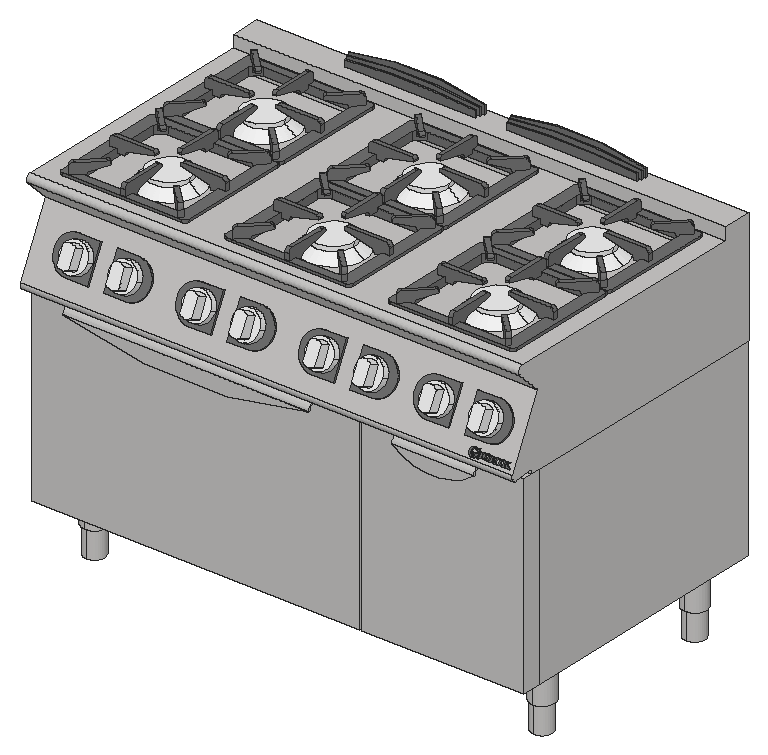
Revit family "QF_GIORIK_ECG760E", category Specialty Equipment, Revit 2014
Parameters (values of type "ECG760E")
  Weight in Pounds = 462.9702
  Watts = 6000 W
  Volts = 400 V
  URL Cutsheet = "www.giorik.com"
  URL = "www.giorik.com"
  Status [instance] = ""
  Specification by User [instance] = ""
  Specification by Manufacturer = ""
  Show Logo [instance] = yes
  Show Clearance [instance] = yes
  Serial Number = ""
  Seismic Rating = ""
  SMACNA No = ""
  Revision Code [instance] = ""
  Phase = 3
  Number of Poles [instance] = 3
  NAFEM Spec ID Number = ""
  Model = "ECG760E"
  Min Ckt Ampacity = 0 A
  Mechanical Remarks [instance] = "Natural Gas"
  Mechanical Connection Type [instance] = ""
  Max Overcurrent Protection = 0 A
  Masterspec = ""
  Manufacturer = "GIORIK"
  Item Number [instance] = ""
  Installed By [instance] = ""
  Identify Quantity as Lot [instance] = no
  HP = "8.046120000000"
  Gas Size = 1"
  Gas RI Height [instance] = 0 mm
  Gas KW = 28.5
  Gas Input = 28500 W
  Gas Connection Height [instance] = 150 mm
  Furnished By [instance] = ""
  Foodservice Equipment Identifier [instance] = yes
  FL Amps = 0 A
  Electrical Remarks [instance] = ""
  Electric Connection Type [instance] = ""
  Elec Conn RI Height [instance] = 0 mm
  Elec Conn Connection Height [instance] = 150 mm
  Description = "6 BURNER GAS RANGE ON GAS OVEN AND NEUTRAL CABINET"
  Cycle = 50 Hz
  Conn Plug = ""
  Conn Conduit [instance] = no
  CSI MasterFormat = ""
  Assembly Code = "E1090320"
  Apparent Power = 6000 VA
Reference planes
  plane 1 "Back": y = 0
  plane 2: z = 0
  plane 3 "Left": x = 0
  plane 4 "Right": x = 1200
  plane 5 "Front": y = -720
  plane 6 "Top": z = 900
Forms (mm)
  Extrusion 1, solid
    sketch origin (0, 1000, -20) x (0, 1, 0) y (0, 0, 1)
      loop
        line (-1000, 919.988) -> (-1070, 919.988) -> (-1070, 889.988) -> (-1688.806, 889.988)
        arc (-1688.806, 889.988) -> (-1699.151, 883.075) -> (-1696.724, 870.873) r 11.197
        line (-1696.724, 870.873) -> (-1640.876, 815.025) -> (-1718.948, 661.258)
        arc (-1718.948, 661.258) -> (-1718.233, 650.105) -> (-1708.118, 645.354) r 10.981
        line (-1708.118, 645.354) -> (-1660, 649.925) -> (-1660, 640) -> (-1000, 640) -> (-1000, 919.988)
    from 0 to 1200
  Extrusion 2, void
    sketch origin (0, 0, 900) x (0, 1, 0) y (-1, 0, 0)
      loop
        arc (-90, -65) -> (-92.929, -57.929) -> (-100, -55) r 10
        line (-100, -55) -> (-640.565, -55)
        arc (-640.565, -55) -> (-647.636, -57.929) -> (-650.565, -65) r 10
        line (-650.565, -65) -> (-650.565, -335)
        arc (-650.565, -335) -> (-647.636, -342.071) -> (-640.565, -345) r 10
        line (-640.565, -345) -> (-100, -345)
        arc (-100, -345) -> (-92.929, -342.071) -> (-90, -335) r 10
        line (-90, -335) -> (-90, -65)
    from -30.012 to -60
  Extrusion 3, solid
    sketch origin (0, 10, 22.988) x (1, 0, 0) y (0, 1, 0)
      loop
        line (45, -100) -> (45, -370)
        arc (45, -370) -> (47.929, -377.071) -> (55, -380) r 10
        line (55, -380) -> (345, -380)
        arc (345, -380) -> (352.071, -377.071) -> (355, -370) r 10
        line (355, -370) -> (355, -100)
        arc (355, -100) -> (352.071, -92.929) -> (345, -90) r 10
        line (345, -90) -> (55, -90)
        arc (55, -90) -> (47.929, -92.929) -> (45, -100) r 10
      loop
        arc (95, -110) -> (80.858, -115.858) -> (75, -130) r 20
        line (75, -130) -> (75, -340)
        arc (75, -340) -> (80.858, -354.142) -> (95, -360) r 20
        line (95, -360) -> (305, -360)
        arc (305, -360) -> (319.142, -354.142) -> (325, -340) r 20
        line (325, -340) -> (325, -130)
        arc (325, -130) -> (319.142, -115.858) -> (305, -110) r 20
        line (305, -110) -> (95, -110)
    from 831.989 to 851.989
  Extrusion 4, solid
    sketch origin (0, -750, 22.988) x (1, 0, 0) y (0, 1, 0)
      loop
        arc (45, 100) -> (47.929, 92.929) -> (55, 90) r 10
        line (55, 90) -> (345, 90)
        arc (345, 90) -> (352.071, 92.929) -> (355, 100) r 10
        line (355, 100) -> (355, 370)
        arc (355, 370) -> (352.071, 377.071) -> (345, 380) r 10
        line (345, 380) -> (55, 380)
        arc (55, 380) -> (47.929, 377.071) -> (45, 370) r 10
        line (45, 370) -> (45, 100)
      loop
        line (95, 110) -> (305, 110)
        arc (305, 110) -> (319.142, 115.858) -> (325, 130) r 20
        line (325, 130) -> (325, 340)
        arc (325, 340) -> (319.142, 354.142) -> (305, 360) r 20
        line (305, 360) -> (95, 360)
        arc (95, 360) -> (80.858, 354.142) -> (75, 340) r 20
        line (75, 340) -> (75, 130)
        arc (75, 130) -> (80.858, 115.858) -> (95, 110) r 20
    from 831.989 to 851.989
  Extrusion 5, solid
    sketch origin (800, 10, 22.988) x (-1, 0, 0) y (0, -1, 0)
      loop
        arc (45, 100) -> (47.929, 92.929) -> (55, 90) r 10
        line (55, 90) -> (345, 90)
        arc (345, 90) -> (352.071, 92.929) -> (355, 100) r 10
        line (355, 100) -> (355, 370)
        arc (355, 370) -> (352.071, 377.071) -> (345, 380) r 10
        line (345, 380) -> (55, 380)
        arc (55, 380) -> (47.929, 377.071) -> (45, 370) r 10
        line (45, 370) -> (45, 100)
      loop
        line (95, 110) -> (305, 110)
        arc (305, 110) -> (319.142, 115.858) -> (325, 130) r 20
        line (325, 130) -> (325, 340)
        arc (325, 340) -> (319.142, 354.142) -> (305, 360) r 20
        line (305, 360) -> (95, 360)
        arc (95, 360) -> (80.858, 354.142) -> (75, 340) r 20
        line (75, 340) -> (75, 130)
        arc (75, 130) -> (80.858, 115.858) -> (95, 110) r 20
    from 831.989 to 851.989
  Extrusion 6, solid
    sketch origin (800, -750, 22.988) x (-1, 0, 0) y (0, -1, 0)
      loop
        line (45, -100) -> (45, -370)
        arc (45, -370) -> (47.929, -377.071) -> (55, -380) r 10
        line (55, -380) -> (345, -380)
        arc (345, -380) -> (352.071, -377.071) -> (355, -370) r 10
        line (355, -370) -> (355, -100)
        arc (355, -100) -> (352.071, -92.929) -> (345, -90) r 10
        line (345, -90) -> (55, -90)
        arc (55, -90) -> (47.929, -92.929) -> (45, -100) r 10
      loop
        arc (95, -110) -> (80.858, -115.858) -> (75, -130) r 20
        line (75, -130) -> (75, -340)
        arc (75, -340) -> (80.858, -354.142) -> (95, -360) r 20
        line (95, -360) -> (305, -360)
        arc (305, -360) -> (319.142, -354.142) -> (325, -340) r 20
        line (325, -340) -> (325, -130)
        arc (325, -130) -> (319.142, -115.858) -> (305, -110) r 20
        line (305, -110) -> (95, -110)
    from 831.989 to 851.989
  Extrusion 7, solid
    sketch origin (-16, 1025.81, 0) x (1, 0, 0) y (0, 1, 0)
      loop
        line (25, -1086.81) -> (25, -1156.81) -> (115, -1156.81) -> (115, -1086.81) -> (25, -1086.81)
    from 148 to 150
  Extrusion 8, solid
    sketch origin (0, 0, 0) x (1, 0, 0) y (0, 1, 0)
      loop
        line (40, -40) -> (40, -640) -> (1160, -640) -> (1160, -40) -> (40, -40)
    from 150 to 190
  Extrusion 9, solid
    sketch origin (-4, 0, 130) x (1, 0, 0) y (0, 1, 0)
      loop
        circle (54, -385) r 12.5
    from 0 to 20
  Extrusion 10, solid
    sketch origin (0, 0, 599.536) x (1, 0, 0) y (0, 1, 0)
      loop
        line (0, -640) -> (40, -640) -> (40, -40) -> (1160, -40) -> (1160, -640) -> (1200, -640) -> (1200, 0) -> (0, 0) -> (0, -640)
    from -449.536 to 20.464
  Extrusion 11, solid
    sketch origin (-16, 560.81, 0) x (1, 0, 0) y (0, 1, 0)
      loop
        line (25, -1086.81) -> (25, -1156.81) -> (115, -1156.81) -> (115, -1086.81) -> (25, -1086.81)
    from 148 to 150
  Revolve 12, solid
    sketch origin (54, 560.81, 0) x (0, 1, 0) y (0, 0, 1)
      loop
        line (-1092.56, 66) -> (-1092.56, 148) -> (-1121.81, 148) -> (-1121.81, 0) -> (-1096.81, 0) -> (-1096.81, 66) -> (-1092.56, 66)
      axis (-1121.81, 0) -> (-1121.81, 148)
    angle from 0 to 360
  Extrusion 13, solid
    sketch origin (109, 0, -10.001) x (1, 0, 0) y (0, 0, 1)
      loop
        line (135, 909.989) -> (453, 909.989) -> (453, 925.527) -> (347.056, 931.749) -> (240.944, 931.749) -> (135, 925.527) -> (135, 909.989)
    from 32 to 35
  Extrusion 14, solid
    sketch origin (111, 10, -10.001) x (1, 0, 0) y (0, 0, 1)
      loop
        line (454, 909.989) -> (454, 928.527) -> (346.162, 939.193) -> (237.838, 939.193) -> (130, 928.527) -> (130, 909.989) -> (454, 909.989)
    from 32 to 35
  Extrusion 15, solid
    sketch origin (113, 20, -10.001) x (1, 0, 0) y (0, 0, 1)
      loop
        line (455, 909.989) -> (455, 930.527) -> (345.396, 947.413) -> (234.604, 947.413) -> (125, 930.527) -> (125, 909.989) -> (455, 909.989)
    from 32 to 35
  Revolve 16, solid
    sketch origin (54, 1025.81, 0) x (0, 1, 0) y (0, 0, 1)
      loop
        line (-1092.56, 66) -> (-1092.56, 148) -> (-1121.81, 148) -> (-1121.81, 0) -> (-1096.81, 0) -> (-1096.81, 66) -> (-1092.56, 66)
      axis (-1121.81, 0) -> (-1121.81, 148)
    angle from 0 to 360
  Extrusion 17, solid
    sketch origin (1091, 0, -10.001) x (-1, 0, 0) y (0, 0, -1)
      loop
        line (135, -909.989) -> (135, -925.527) -> (240.944, -931.749) -> (347.056, -931.749) -> (453, -925.527) -> (453, -909.989) -> (135, -909.989)
    from 32 to 35
  Extrusion 18, solid
    sketch origin (1089, 10, -10.001) x (-1, 0, 0) y (0, 0, -1)
      loop
        line (454, -909.989) -> (130, -909.989) -> (130, -928.527) -> (237.838, -939.193) -> (346.162, -939.193) -> (454, -928.527) -> (454, -909.989)
    from 32 to 35
  Extrusion 19, solid
    sketch origin (1087, 20, -10.001) x (-1, 0, 0) y (0, 0, -1)
      loop
        line (455, -909.989) -> (125, -909.989) -> (125, -930.527) -> (234.604, -947.413) -> (345.396, -947.413) -> (455, -930.527) -> (455, -909.989)
    from 32 to 35
  Extrusion 20, solid
    sketch origin (286.779, -963.345, 52.852) x (1, 0, 0) y (0, 0.452718, 0.891654)
      loop
        line (463.221, 676.25) -> (463.221, 766.25) -> (409.698, 766.25)
        arc (409.698, 766.25) -> (364.698, 721.25) -> (409.698, 676.25) r 45
        line (409.698, 676.25) -> (463.221, 676.25)
    from 48 to 50
  Extrusion 21, solid
    sketch origin (1253.221, -963.345, 52.852) x (-1, 0, 0) y (0, -0.452718, -0.891654)
      loop
        line (463.221, -676.25) -> (409.698, -676.25)
        arc (409.698, -676.25) -> (364.698, -721.25) -> (409.698, -766.25) r 45
        line (409.698, -766.25) -> (463.221, -766.25) -> (463.221, -676.25)
    from 48 to 50
  Extrusion 22, solid
    sketch origin (478.669, -1008.697, 75.448) x (1, 0, 0) y (0, 0.45351, 0.891251)
      loop
        circle (351.331, 721.346) r 35
    from 0 to 15
  Extrusion 23, solid
    sketch origin (478.669, -1008.697, 75.448) x (1, 0, 0) y (0, 0.45351, 0.891251)
      loop
        line (336.331, 743.846) -> (336.331, 698.846)
        arc (336.331, 698.846) -> (351.331, 693.846) -> (366.331, 698.846) r 25
        line (366.331, 698.846) -> (366.331, 743.846)
        arc (366.331, 743.846) -> (351.331, 748.846) -> (336.331, 743.846) r 25
    from 15 to 40
  Extrusion 24, solid, visible <- "Show Logo"
    sketch origin (996.604, -736.761, 609.486) x (-1, 0, 0) y (0, 0.452718, 0.891654)
      loop
        line (-118.824, 58.358) -> (-127.804, 58.358) -> (-125.523, 56.445) -> (-125.523, 48.027) -> (-127.804, 46.113) -> (-118.824, 46.113) -> (-121.105, 48.027) -> (-121.105, 56.445) -> (-118.824, 58.358)
      loop
        line (-163.721, 58.358) -> (-172.7, 58.358) -> (-170.42, 56.445) -> (-170.42, 48.027) -> (-172.7, 46.113) -> (-163.721, 46.113) -> (-166.001, 48.027) -> (-166.001, 56.445) -> (-163.721, 58.358)
      loop
        line (-174.332, 58.358) -> (-183.312, 58.358) -> (-181.031, 56.445) -> (-181.031, 52.435) -> (-186.419, 56.955) -> (-184.416, 58.358) -> (-191.268, 58.358) -> (-188.01, 56.839) -> (-185.455, 54.283) -> (-190.846, 47.858) -> (-193.396, 46.93) -> (-193.396, 46.113) -> (-184.416, 46.113) -> (-185.437, 47.571) -> (-182.443, 51.552) -> (-181.031, 50.894) -> (-181.031, 48.027) -> (-183.312, 46.113) -> (-174.332, 46.113) -> (-176.613, 48.027) -> (-176.613, 56.445) -> (-174.332, 58.358)
      loop
        line (-115.429, 62.063) -> (-115.429, 54.198)
        arc (-115.429, 54.198) -> (-111.618, 57.803) -> (-106.847, 59.986) r 16.039
        arc (-106.847, 59.986) -> (-103.314, 59.837) -> (-100.512, 57.68) r 5.851
        arc (-100.512, 57.68) -> (-98.815, 52.267) -> (-100.512, 46.853) r 9.479
        arc (-100.512, 46.853) -> (-102.406, 44.986) -> (-104.846, 43.93) r 7.236
        arc (-104.846, 43.93) -> (-107.728, 44.111) -> (-110.052, 45.825) r 5.11
        line (-110.052, 45.825) -> (-110.052, 52.001) -> (-116.141, 52.001) -> (-116.141, 45.503) -> (-117.893, 43.751) -> (-114.094, 44.769)
        arc (-114.094, 44.769) -> (-112.56, 44.947) -> (-111.129, 44.366) r 3.115
        arc (-111.129, 44.366) -> (-104.216, 42.091) -> (-97.303, 44.366) r 11.641
        arc (-97.303, 44.366) -> (-93.396, 52.107) -> (-97.303, 59.849) r 9.622
        arc (-97.303, 59.849) -> (-104.369, 62.174) -> (-111.435, 59.849) r 11.898
        line (-111.435, 59.849) -> (-115.429, 62.063)
      loop
        arc (-129.234, 56.068) -> (-135.893, 58.628) -> (-142.552, 56.068) r 9.941
        arc (-142.552, 56.068) -> (-144.234, 52.286) -> (-142.552, 48.505) r 5.093
        arc (-142.552, 48.505) -> (-135.893, 45.945) -> (-129.234, 48.505) r 9.941
        arc (-129.234, 48.505) -> (-127.552, 52.286) -> (-129.234, 56.068) r 5.093
      loop
        arc (-132.628, 54.403) -> (-135.893, 57.668) -> (-139.158, 54.403) r 3.265
        line (-139.158, 54.403) -> (-139.158, 50.169)
        arc (-139.158, 50.169) -> (-135.893, 46.904) -> (-132.628, 50.169) r 3.265
        line (-132.628, 50.169) -> (-132.628, 54.403)
      loop
        arc (-156.363, 58.365) -> (-159.647, 55.081) -> (-156.363, 51.796) r 3.285
        line (-156.363, 51.796) -> (-159.529, 47.306) -> (-162.087, 46.113) -> (-155.847, 46.113) -> (-153.529, 51.083) -> (-150.637, 51.083) -> (-150.637, 47.784) -> (-153.022, 46.113) -> (-144.011, 46.113) -> (-146.094, 47.68) -> (-146.094, 56.493) -> (-144.229, 58.365) -> (-156.363, 58.365)
      loop
        line (-150.637, 57.512) -> (-153.637, 57.512)
        arc (-153.637, 57.512) -> (-156.237, 54.912) -> (-153.637, 52.312) r 2.6
        line (-153.637, 52.312) -> (-150.637, 52.312) -> (-150.637, 57.512)
      loop
        line (-108.924, 52.001) -> (-104.936, 49.005) -> (-100.948, 52.001) -> (-108.924, 52.001)
    from 1.5 to -0.5
  Extrusion 25, solid
    sketch origin (1061.331, -1008.697, 75.448) x (-1, 0, 0) y (0, -0.45351, -0.891251)
      loop
        circle (351.331, -721.346) r 35
    from 0 to 15
  Extrusion 26, solid
    sketch origin (1061.331, -1008.697, 75.448) x (-1, 0, 0) y (0, -0.45351, -0.891251)
      loop
        arc (336.331, -743.846) -> (351.331, -748.846) -> (366.331, -743.846) r 25
        line (366.331, -743.846) -> (366.331, -698.846)
        arc (366.331, -698.846) -> (351.331, -693.846) -> (336.331, -698.846) r 25
        line (336.331, -698.846) -> (336.331, -743.846)
    from 15 to 40
  Extrusion 27, solid
    sketch origin (1076, 1025.81, 0) x (1, 0, 0) y (0, 1, 0)
      loop
        line (25, -1086.81) -> (25, -1156.81) -> (115, -1156.81) -> (115, -1086.81) -> (25, -1086.81)
    from 148 to 150
  Extrusion 28, solid
    sketch origin (1076, 560.81, 0) x (1, 0, 0) y (0, 1, 0)
      loop
        line (25, -1086.81) -> (25, -1156.81) -> (115, -1156.81) -> (115, -1086.81) -> (25, -1086.81)
    from 148 to 150
  Revolve 29, solid
    sketch origin (1146, 560.81, 0) x (0, 1, 0) y (0, 0, 1)
      loop
        line (-1092.56, 66) -> (-1092.56, 148) -> (-1121.81, 148) -> (-1121.81, 0) -> (-1096.81, 0) -> (-1096.81, 66) -> (-1092.56, 66)
      axis (-1121.81, 0) -> (-1121.81, 148)
    angle from 0 to 360
  Revolve 30, solid
    sketch origin (1146, 1025.81, 0) x (0, 1, 0) y (0, 0, 1)
      loop
        line (-1092.56, 66) -> (-1092.56, 148) -> (-1121.81, 148) -> (-1121.81, 0) -> (-1096.81, 0) -> (-1096.81, 66) -> (-1092.56, 66)
      axis (-1121.81, 0) -> (-1121.81, 148)
    angle from 0 to 360
  Extrusion 31, solid
    sketch origin (-313.221, -963.345, 52.852) x (1, 0, 0) y (0, 0.452718, 0.891654)
      loop
        line (463.221, 676.25) -> (463.221, 766.25) -> (409.698, 766.25)
        arc (409.698, 766.25) -> (364.698, 721.25) -> (409.698, 676.25) r 45
        line (409.698, 676.25) -> (463.221, 676.25)
    from 48 to 50
  Extrusion 32, solid
    sketch origin (653.221, -963.345, 52.852) x (-1, 0, 0) y (0, -0.452718, -0.891654)
      loop
        line (463.221, -676.25) -> (409.698, -676.25)
        arc (409.698, -676.25) -> (364.698, -721.25) -> (409.698, -766.25) r 45
        line (409.698, -766.25) -> (463.221, -766.25) -> (463.221, -676.25)
    from 48 to 50
  Extrusion 33, solid
    sketch origin (-121.331, -1008.697, 75.448) x (1, 0, 0) y (0, 0.45351, 0.891251)
      loop
        circle (351.331, 721.346) r 35
    from 0 to 15
  Extrusion 34, solid
    sketch origin (-121.331, -1008.697, 75.448) x (1, 0, 0) y (0, 0.45351, 0.891251)
      loop
        line (336.331, 743.846) -> (336.331, 698.846)
        arc (336.331, 698.846) -> (351.331, 693.846) -> (366.331, 698.846) r 25
        line (366.331, 698.846) -> (366.331, 743.846)
        arc (366.331, 743.846) -> (351.331, 748.846) -> (336.331, 743.846) r 25
    from 15 to 40
  Extrusion 35, solid
    sketch origin (461.331, -1008.697, 75.448) x (-1, 0, 0) y (0, -0.45351, -0.891251)
      loop
        circle (351.331, -721.346) r 35
    from 0 to 15
  Extrusion 36, solid
    sketch origin (461.331, -1008.697, 75.448) x (-1, 0, 0) y (0, -0.45351, -0.891251)
      loop
        arc (336.331, -743.846) -> (351.331, -748.846) -> (366.331, -743.846) r 25
        line (366.331, -743.846) -> (366.331, -698.846)
        arc (366.331, -698.846) -> (351.331, -693.846) -> (336.331, -698.846) r 25
        line (336.331, -698.846) -> (336.331, -743.846)
    from 15 to 40
  Extrusion 37, solid
    sketch origin (953.221, -963.345, 52.852) x (-1, 0, 0) y (0, -0.452718, -0.891654)
      loop
        line (463.221, -676.25) -> (409.698, -676.25)
        arc (409.698, -676.25) -> (364.698, -721.25) -> (409.698, -766.25) r 45
        line (409.698, -766.25) -> (463.221, -766.25) -> (463.221, -676.25)
    from 48 to 50
  Extrusion 38, solid
    sketch origin (-13.221, -963.345, 52.852) x (1, 0, 0) y (0, 0.452718, 0.891654)
      loop
        line (463.221, 676.25) -> (463.221, 766.25) -> (409.698, 766.25)
        arc (409.698, 766.25) -> (364.698, 721.25) -> (409.698, 676.25) r 45
        line (409.698, 676.25) -> (463.221, 676.25)
    from 48 to 50
  Extrusion 39, solid
    sketch origin (761.331, -1008.697, 75.448) x (-1, 0, 0) y (0, -0.45351, -0.891251)
      loop
        circle (351.331, -721.346) r 35
    from 0 to 15
  Extrusion 40, solid
    sketch origin (761.331, -1008.697, 75.448) x (-1, 0, 0) y (0, -0.45351, -0.891251)
      loop
        arc (336.331, -743.846) -> (351.331, -748.846) -> (366.331, -743.846) r 25
        line (366.331, -743.846) -> (366.331, -698.846)
        arc (366.331, -698.846) -> (351.331, -693.846) -> (336.331, -698.846) r 25
        line (336.331, -698.846) -> (336.331, -743.846)
    from 15 to 40
  Extrusion 41, solid
    sketch origin (178.669, -1008.697, 75.448) x (1, 0, 0) y (0, 0.45351, 0.891251)
      loop
        circle (351.331, 721.346) r 35
    from 0 to 15
  Extrusion 42, solid
    sketch origin (178.669, -1008.697, 75.448) x (1, 0, 0) y (0, 0.45351, 0.891251)
      loop
        line (336.331, 743.846) -> (336.331, 698.846)
        arc (336.331, 698.846) -> (351.331, 693.846) -> (366.331, 698.846) r 25
        line (366.331, 698.846) -> (366.331, 743.846)
        arc (366.331, 743.846) -> (351.331, 748.846) -> (336.331, 743.846) r 25
    from 15 to 40
  Extrusion 43, solid
    sketch origin (1200, 10, 22.988) x (-1, 0, 0) y (0, -1, 0)
      loop
        arc (45, 100) -> (47.929, 92.929) -> (55, 90) r 10
        line (55, 90) -> (345, 90)
        arc (345, 90) -> (352.071, 92.929) -> (355, 100) r 10
        line (355, 100) -> (355, 370)
        arc (355, 370) -> (352.071, 377.071) -> (345, 380) r 10
        line (345, 380) -> (55, 380)
        arc (55, 380) -> (47.929, 377.071) -> (45, 370) r 10
        line (45, 370) -> (45, 100)
      loop
        line (95, 110) -> (305, 110)
        arc (305, 110) -> (319.142, 115.858) -> (325, 130) r 20
        line (325, 130) -> (325, 340)
        arc (325, 340) -> (319.142, 354.142) -> (305, 360) r 20
        line (305, 360) -> (95, 360)
        arc (95, 360) -> (80.858, 354.142) -> (75, 340) r 20
        line (75, 340) -> (75, 130)
        arc (75, 130) -> (80.858, 115.858) -> (95, 110) r 20
    from 831.989 to 851.989
  Extrusion 44, solid
    sketch origin (1200, -750, 22.988) x (-1, 0, 0) y (0, -1, 0)
      loop
        line (45, -100) -> (45, -370)
        arc (45, -370) -> (47.929, -377.071) -> (55, -380) r 10
        line (55, -380) -> (345, -380)
        arc (345, -380) -> (352.071, -377.071) -> (355, -370) r 10
        line (355, -370) -> (355, -100)
        arc (355, -100) -> (352.071, -92.929) -> (345, -90) r 10
        line (345, -90) -> (55, -90)
        arc (55, -90) -> (47.929, -92.929) -> (45, -100) r 10
      loop
        arc (95, -110) -> (80.858, -115.858) -> (75, -130) r 20
        line (75, -130) -> (75, -340)
        arc (75, -340) -> (80.858, -354.142) -> (95, -360) r 20
        line (95, -360) -> (305, -360)
        arc (305, -360) -> (319.142, -354.142) -> (325, -340) r 20
        line (325, -340) -> (325, -130)
        arc (325, -130) -> (319.142, -115.858) -> (305, -110) r 20
        line (305, -110) -> (95, -110)
    from 831.989 to 851.989
  Extrusion 45, solid
    sketch origin (0, -725, 0) x (1, 0, 0) y (0, 0, 1)
      loop
        line (0, 620) -> (0, 150) -> (800, 150) -> (800, 620) -> (0, 620)
    from -85 to -40
  Extrusion 46, solid
    sketch origin (2.5, -725, -20.1) x (0, 1, 0) y (0, 0, 1)
      loop
        arc (25, 640.1) -> (14.393, 635.707) -> (10, 625.1) r 15
        line (10, 625.1) -> (12, 625.1)
        arc (12, 625.1) -> (15.808, 634.292) -> (25, 638.1) r 13
        line (25, 638.1) -> (40, 638.1) -> (40, 640.1) -> (25, 640.1)
    from 97.5 to 697.5
  Extrusion 47, solid
    sketch origin (2.5, -724.905, -20.1) x (1, 0, 0) y (0, 0, 1)
      loop
        arc (97.5, 625.1) -> (397.5, 582.413) -> (697.5, 625.1) r 1075.531
        line (697.5, 625.1) -> (97.5, 625.1)
    from -11.905 to -9.905
  Extrusion 48, solid, visible <- "Show Clearance", detail levels coarse
    sketch origin (0, 0, 0) x (0, 1, 0) y (0, 0, 1)
      loop
        line (-685, 150) -> (-685, 620)
        arc (-685, 620) -> (-1017.34, 482.34) -> (-1155, 150) r 470
        line (-1155, 150) -> (-685, 150)
    from 0 to 800
  Extrusion 49, void
    sketch origin (400, 0, 900) x (0, 1, 0) y (-1, 0, 0)
      loop
        arc (-90, -65) -> (-92.929, -57.929) -> (-100, -55) r 10
        line (-100, -55) -> (-640.565, -55)
        arc (-640.565, -55) -> (-647.636, -57.929) -> (-650.565, -65) r 10
        line (-650.565, -65) -> (-650.565, -335)
        arc (-650.565, -335) -> (-647.636, -342.071) -> (-640.565, -345) r 10
        line (-640.565, -345) -> (-100, -345)
        arc (-100, -345) -> (-92.929, -342.071) -> (-90, -335) r 10
        line (-90, -335) -> (-90, -65)
    from -30.012 to -60
  Extrusion 50, void
    sketch origin (800, 0, 900) x (0, 1, 0) y (-1, 0, 0)
      loop
        arc (-90, -65) -> (-92.929, -57.929) -> (-100, -55) r 10
        line (-100, -55) -> (-640.565, -55)
        arc (-640.565, -55) -> (-647.636, -57.929) -> (-650.565, -65) r 10
        line (-650.565, -65) -> (-650.565, -335)
        arc (-650.565, -335) -> (-647.636, -342.071) -> (-640.565, -345) r 10
        line (-640.565, -345) -> (-100, -345)
        arc (-100, -345) -> (-92.929, -342.071) -> (-90, -335) r 10
        line (-90, -335) -> (-90, -65)
    from -30.012 to -60
  Extrusion 51, solid
    sketch origin (805, -725, 0) x (1, 0, 0) y (0, 0, 1)
      loop
        line (0, 620) -> (0, 150) -> (395, 150) -> (395, 620) -> (0, 620)
    from -85 to -40
  Extrusion 52, solid
    sketch origin (805, -725, -20.1) x (0, 1, 0) y (0, 0, 1)
      loop
        arc (25, 640.1) -> (14.393, 635.707) -> (10, 625.1) r 15
        line (10, 625.1) -> (12, 625.1)
        arc (12, 625.1) -> (15.808, 634.292) -> (25, 638.1) r 13
        line (25, 638.1) -> (40, 638.1) -> (40, 640.1) -> (25, 640.1)
    from 97.5 to 297.5
  Extrusion 53, solid
    sketch origin (805, -724.905, -20.1) x (1, 0, 0) y (0, 0, 1)
      loop
        arc (97.5, 625.1) -> (197.5, 590.089) -> (297.5, 625.1) r 160.316
        line (297.5, 625.1) -> (97.5, 625.1)
    from -11.905 to -9.905
  Extrusion 54, solid, visible <- "Show Clearance", detail levels coarse
    sketch origin (1200, -725, 0) x (-1, 0, 0) y (0, -1, 0)
      loop
        line (0, -40) -> (395, -40)
        arc (395, -40) -> (279.307, 239.307) -> (0, 355) r 395
        line (0, 355) -> (0, -40)
    from 150 to 620
  Blend 55, solid
    base sketch origin (799.954, -501.449, 910) x (0, -1, 0) y (1, 0, 0)
      loop
        circle (-276.449, 200.046) r 75
    top sketch origin (799.954, -501.449, 910) x (0, -1, 0) y (1, 0, 0)
      loop
        circle (-276.449, 200.046) r 50
    from -70 to -50
  Extrusion 56, solid
    sketch origin (799.954, 51.449, -19.988) x (1, 0, 0) y (0, 1, 0)
      loop
        circle (200.046, -276.449) r 50
    from 889.988 to 879.988
  Blend 57, solid
    base sketch origin (799.954, -238.551, 910) x (0, 1, 0) y (-1, 0, 0)
      loop
        circle (-276.449, -200.046) r 75
    top sketch origin (799.954, -238.551, 910) x (0, 1, 0) y (-1, 0, 0)
      loop
        circle (-276.449, -200.046) r 50
    from -70 to -50
  Extrusion 58, solid
    sketch origin (799.954, -791.448, -19.988) x (1, 0, 0) y (0, 1, 0)
      loop
        circle (200.046, 276.449) r 50
    from 889.988 to 879.988
  Blend 59, solid
    base sketch origin (-0.046, -501.449, 910) x (0, -1, 0) y (1, 0, 0)
      loop
        circle (-276.449, 200.046) r 75
    top sketch origin (-0.046, -501.449, 910) x (0, -1, 0) y (1, 0, 0)
      loop
        circle (-276.449, 200.046) r 50
    from -70 to -50
  Extrusion 60, solid
    sketch origin (-0.046, 51.449, -19.988) x (1, 0, 0) y (0, 1, 0)
      loop
        circle (200.046, -276.449) r 50
    from 889.988 to 879.988
  Blend 61, solid
    base sketch origin (399.954, -238.551, 910) x (0, 1, 0) y (-1, 0, 0)
      loop
        circle (-276.449, -200.046) r 75
    top sketch origin (399.954, -238.551, 910) x (0, 1, 0) y (-1, 0, 0)
      loop
        circle (-276.449, -200.046) r 50
    from -70 to -50
  Extrusion 62, solid
    sketch origin (399.954, -791.448, -19.988) x (1, 0, 0) y (0, 1, 0)
      loop
        circle (200.046, 276.449) r 50
    from 889.988 to 879.988
  Blend 63, solid
    base sketch origin (399.954, -501.449, 910) x (0, -1, 0) y (1, 0, 0)
      loop
        circle (-276.449, 200.046) r 75
    top sketch origin (399.954, -501.449, 910) x (0, -1, 0) y (1, 0, 0)
      loop
        circle (-276.449, 200.046) r 50
    from -70 to -50
  Extrusion 64, solid
    sketch origin (399.954, 51.449, -19.988) x (1, 0, 0) y (0, 1, 0)
      loop
        circle (200.046, -276.449) r 50
    from 889.988 to 879.988
  Blend 65, solid
    base sketch origin (-0.046, -238.551, 910) x (0, 1, 0) y (-1, 0, 0)
      loop
        circle (-276.449, -200.046) r 75
    top sketch origin (-0.046, -238.551, 910) x (0, 1, 0) y (-1, 0, 0)
      loop
        circle (-276.449, -200.046) r 50
    from -70 to -50
  Extrusion 66, solid
    sketch origin (-0.046, -791.448, -19.988) x (1, 0, 0) y (0, 1, 0)
      loop
        circle (200.046, 276.449) r 50
    from 889.988 to 879.988
  Extrusion 67, solid
    sketch origin (566.779, -963.345, 52.852) x (1, 0, 0) y (0, 0.452718, 0.891654)
      loop
        line (463.221, 676.25) -> (463.221, 766.25) -> (409.698, 766.25)
        arc (409.698, 766.25) -> (364.698, 721.25) -> (409.698, 676.25) r 45
        line (409.698, 676.25) -> (463.221, 676.25)
    from 48 to 50
  Extrusion 68, solid
    sketch origin (1533.221, -963.345, 52.852) x (-1, 0, 0) y (0, -0.452718, -0.891654)
      loop
        line (463.221, -676.25) -> (409.698, -676.25)
        arc (409.698, -676.25) -> (364.698, -721.25) -> (409.698, -766.25) r 45
        line (409.698, -766.25) -> (463.221, -766.25) -> (463.221, -676.25)
    from 48 to 50
  Extrusion 69, solid
    sketch origin (758.669, -1008.697, 75.448) x (1, 0, 0) y (0, 0.45351, 0.891251)
      loop
        circle (351.331, 721.346) r 35
    from 0 to 15
  Extrusion 70, solid
    sketch origin (758.669, -1008.697, 75.448) x (1, 0, 0) y (0, 0.45351, 0.891251)
      loop
        line (336.331, 743.846) -> (336.331, 698.846)
        arc (336.331, 698.846) -> (351.331, 693.846) -> (366.331, 698.846) r 25
        line (366.331, 698.846) -> (366.331, 743.846)
        arc (366.331, 743.846) -> (351.331, 748.846) -> (336.331, 743.846) r 25
    from 15 to 40
  Extrusion 71, solid
    sketch origin (1341.331, -1008.697, 75.448) x (-1, 0, 0) y (0, -0.45351, -0.891251)
      loop
        circle (351.331, -721.346) r 35
    from 0 to 15
  Extrusion 72, solid
    sketch origin (1341.331, -1008.697, 75.448) x (-1, 0, 0) y (0, -0.45351, -0.891251)
      loop
        arc (336.331, -743.846) -> (351.331, -748.846) -> (366.331, -743.846) r 25
        line (366.331, -743.846) -> (366.331, -698.846)
        arc (366.331, -698.846) -> (351.331, -693.846) -> (336.331, -698.846) r 25
        line (336.331, -698.846) -> (336.331, -743.846)
    from 15 to 40
  Extrusion 73, solid
    sketch origin (0, 0, 100) x (0, 1, 0) y (-1, 0, 0)
      loop
        circle (-490, -790) r 10
    from 30 to 50
  Extrusion 74, solid
    sketch origin (640.72, -671.989, -71.001) x (0, 1, 0) y (0, 0, -1)
      loop
        line (15.989, -935.989) -> (15.989, -961)
        arc (15.989, -961) -> (18.918, -968.071) -> (25.989, -971) r 10
        line (25.989, -971) -> (119.989, -971)
        arc (119.989, -971) -> (124.232, -969.243) -> (125.989, -965) r 6
        line (125.989, -965) -> (125.989, -962) -> (55.875, -945.989) -> (52.235, -935.989) -> (15.989, -935.989)
    from 35.72 to 45.72
  Extrusion 75, solid
    sketch origin (430.305, -634.988, -2.81) x (0.707107, 0.707107, 0) y (0, 0, 1)
      loop
        line (85.748, 902.808) -> (21.748, 902.808)
        arc (21.748, 902.808) -> (14.677, 899.879) -> (11.748, 892.808) r 10
        line (11.748, 892.808) -> (11.748, 867.797) -> (40.514, 867.797) -> (46.895, 881.064) -> (91.748, 893.808) -> (91.748, 896.808)
        arc (91.748, 896.808) -> (89.991, 901.051) -> (85.748, 902.808) r 6
    from 30.148 to 40.148
  Extrusion 76, solid
    sketch origin (640.72, -358.011, -71.001) x (0, -1, 0) y (0, 0, 1)
      loop
        line (15.989, 935.989) -> (52.235, 935.989) -> (55.875, 945.989) -> (125.989, 962) -> (125.989, 965)
        arc (125.989, 965) -> (124.232, 969.243) -> (119.989, 971) r 6
        line (119.989, 971) -> (25.989, 971)
        arc (25.989, 971) -> (18.918, 968.071) -> (15.989, 961) r 10
        line (15.989, 961) -> (15.989, 935.989)
    from 35.72 to 45.72
  Extrusion 77, solid
    sketch origin (756.989, -555.72, -71.001) x (-1, 0, 0) y (0, 0, 1)
      loop
        line (15.989, 935.989) -> (52.235, 935.989) -> (55.875, 945.989) -> (125.989, 962) -> (125.989, 965)
        arc (125.989, 965) -> (124.232, 969.243) -> (119.989, 971) r 6
        line (119.989, 971) -> (25.989, 971)
        arc (25.989, 971) -> (18.918, 968.071) -> (15.989, 961) r 10
        line (15.989, 961) -> (15.989, 935.989)
    from 35.72 to 45.72
  Extrusion 78, solid
    sketch origin (443.011, -555.72, -71.001) x (1, 0, 0) y (0, 0, -1)
      loop
        line (15.989, -935.989) -> (15.989, -961)
        arc (15.989, -961) -> (18.918, -968.071) -> (25.989, -971) r 10
        line (25.989, -971) -> (119.989, -971)
        arc (119.989, -971) -> (124.232, -969.243) -> (125.989, -965) r 6
        line (125.989, -965) -> (125.989, -962) -> (55.875, -945.989) -> (52.235, -935.989) -> (15.989, -935.989)
    from 35.72 to 45.72
  Extrusion 79, solid
    sketch origin (769.695, -634.988, -2.81) x (-0.707107, 0.707107, 0) y (0, 0, -1)
      loop
        arc (85.748, -902.808) -> (89.991, -901.051) -> (91.748, -896.808) r 6
        line (91.748, -896.808) -> (91.748, -893.808) -> (46.895, -881.064) -> (40.514, -867.797) -> (11.748, -867.797) -> (11.748, -892.808)
        arc (11.748, -892.808) -> (14.677, -899.879) -> (21.748, -902.808) r 10
        line (21.748, -902.808) -> (85.748, -902.808)
    from 30.148 to 40.148
  Extrusion 80, solid
    sketch origin (769.695, -395.012, -2.81) x (-0.707107, -0.707107, 0) y (0, 0, 1)
      loop
        line (85.748, 902.808) -> (21.748, 902.808)
        arc (21.748, 902.808) -> (14.677, 899.879) -> (11.748, 892.808) r 10
        line (11.748, 892.808) -> (11.748, 867.797) -> (40.514, 867.797) -> (46.895, 881.064) -> (91.748, 893.808) -> (91.748, 896.808)
        arc (91.748, 896.808) -> (89.991, 901.051) -> (85.748, 902.808) r 6
    from 30.148 to 40.148
  Extrusion 81, solid
    sketch origin (430.305, -395.012, -2.81) x (0.707107, -0.707107, 0) y (0, 0, -1)
      loop
        arc (85.748, -902.808) -> (89.991, -901.051) -> (91.748, -896.808) r 6
        line (91.748, -896.808) -> (91.748, -893.808) -> (46.895, -881.064) -> (40.514, -867.797) -> (11.748, -867.797) -> (11.748, -892.808)
        arc (11.748, -892.808) -> (14.677, -899.879) -> (21.748, -902.808) r 10
        line (21.748, -902.808) -> (85.748, -902.808)
    from 30.148 to 40.148
  Extrusion 82, solid
    sketch origin (640.72, -68.011, -71.001) x (0, -1, 0) y (0, 0, 1)
      loop
        line (15.989, 935.989) -> (52.235, 935.989) -> (55.875, 945.989) -> (125.989, 962) -> (125.989, 965)
        arc (125.989, 965) -> (124.232, 969.243) -> (119.989, 971) r 6
        line (119.989, 971) -> (25.989, 971)
        arc (25.989, 971) -> (18.918, 968.071) -> (15.989, 961) r 10
        line (15.989, 961) -> (15.989, 935.989)
    from 35.72 to 45.72
  Extrusion 83, solid
    sketch origin (430.305, -105.012, -2.81) x (0.707107, -0.707107, 0) y (0, 0, -1)
      loop
        arc (85.748, -902.808) -> (89.991, -901.051) -> (91.748, -896.808) r 6
        line (91.748, -896.808) -> (91.748, -893.808) -> (46.895, -881.064) -> (40.514, -867.797) -> (11.748, -867.797) -> (11.748, -892.808)
        arc (11.748, -892.808) -> (14.677, -899.879) -> (21.748, -902.808) r 10
        line (21.748, -902.808) -> (85.748, -902.808)
    from 30.148 to 40.148
  Extrusion 84, solid
    sketch origin (640.72, -381.989, -71.001) x (0, 1, 0) y (0, 0, -1)
      loop
        line (15.989, -935.989) -> (15.989, -961)
        arc (15.989, -961) -> (18.918, -968.071) -> (25.989, -971) r 10
        line (25.989, -971) -> (119.989, -971)
        arc (119.989, -971) -> (124.232, -969.243) -> (125.989, -965) r 6
        line (125.989, -965) -> (125.989, -962) -> (55.875, -945.989) -> (52.235, -935.989) -> (15.989, -935.989)
    from 35.72 to 45.72
  Extrusion 85, solid
    sketch origin (756.989, -184.279, -71.001) x (-1, 0, 0) y (0, 0, -1)
      loop
        line (15.989, -935.989) -> (15.989, -961)
        arc (15.989, -961) -> (18.918, -968.071) -> (25.989, -971) r 10
        line (25.989, -971) -> (119.989, -971)
        arc (119.989, -971) -> (124.232, -969.243) -> (125.989, -965) r 6
        line (125.989, -965) -> (125.989, -962) -> (55.875, -945.989) -> (52.235, -935.989) -> (15.989, -935.989)
    from 35.72 to 45.72
  Extrusion 86, solid
    sketch origin (443.011, -184.279, -71.001) x (1, 0, 0) y (0, 0, 1)
      loop
        line (15.989, 935.989) -> (52.235, 935.989) -> (55.875, 945.989) -> (125.989, 962) -> (125.989, 965)
        arc (125.989, 965) -> (124.232, 969.243) -> (119.989, 971) r 6
        line (119.989, 971) -> (25.989, 971)
        arc (25.989, 971) -> (18.918, 968.071) -> (15.989, 961) r 10
        line (15.989, 961) -> (15.989, 935.989)
    from 35.72 to 45.72
  Extrusion 87, solid
    sketch origin (769.695, -105.012, -2.81) x (-0.707107, -0.707107, 0) y (0, 0, 1)
      loop
        line (85.748, 902.808) -> (21.748, 902.808)
        arc (21.748, 902.808) -> (14.677, 899.879) -> (11.748, 892.808) r 10
        line (11.748, 892.808) -> (11.748, 867.797) -> (40.514, 867.797) -> (46.895, 881.064) -> (91.748, 893.808) -> (91.748, 896.808)
        arc (91.748, 896.808) -> (89.991, 901.051) -> (85.748, 902.808) r 6
    from 30.148 to 40.148
  Extrusion 88, solid
    sketch origin (769.695, -344.988, -2.81) x (-0.707107, 0.707107, 0) y (0, 0, -1)
      loop
        arc (85.748, -902.808) -> (89.991, -901.051) -> (91.748, -896.808) r 6
        line (91.748, -896.808) -> (91.748, -893.808) -> (46.895, -881.064) -> (40.514, -867.797) -> (11.748, -867.797) -> (11.748, -892.808)
        arc (11.748, -892.808) -> (14.677, -899.879) -> (21.748, -902.808) r 10
        line (21.748, -902.808) -> (85.748, -902.808)
    from 30.148 to 40.148
  Extrusion 89, solid
    sketch origin (430.305, -344.988, -2.81) x (0.707107, 0.707107, 0) y (0, 0, 1)
      loop
        line (85.748, 902.808) -> (21.748, 902.808)
        arc (21.748, 902.808) -> (14.677, 899.879) -> (11.748, 892.808) r 10
        line (11.748, 892.808) -> (11.748, 867.797) -> (40.514, 867.797) -> (46.895, 881.064) -> (91.748, 893.808) -> (91.748, 896.808)
        arc (91.748, 896.808) -> (89.991, 901.051) -> (85.748, 902.808) r 6
    from 30.148 to 40.148
  Extrusion 90, solid
    sketch origin (830.305, -634.988, -2.81) x (0.707107, 0.707107, 0) y (0, 0, 1)
      loop
        line (85.748, 902.808) -> (21.748, 902.808)
        arc (21.748, 902.808) -> (14.677, 899.879) -> (11.748, 892.808) r 10
        line (11.748, 892.808) -> (11.748, 867.797) -> (40.514, 867.797) -> (46.895, 881.064) -> (91.748, 893.808) -> (91.748, 896.808)
        arc (91.748, 896.808) -> (89.991, 901.051) -> (85.748, 902.808) r 6
    from 30.148 to 40.148
  Extrusion 91, solid
    sketch origin (1156.989, -555.72, -71.001) x (-1, 0, 0) y (0, 0, 1)
      loop
        line (15.989, 935.989) -> (52.235, 935.989) -> (55.875, 945.989) -> (125.989, 962) -> (125.989, 965)
        arc (125.989, 965) -> (124.232, 969.243) -> (119.989, 971) r 6
        line (119.989, 971) -> (25.989, 971)
        arc (25.989, 971) -> (18.918, 968.071) -> (15.989, 961) r 10
        line (15.989, 961) -> (15.989, 935.989)
    from 35.72 to 45.72
  Extrusion 92, solid
    sketch origin (843.011, -555.72, -71.001) x (1, 0, 0) y (0, 0, -1)
      loop
        line (15.989, -935.989) -> (15.989, -961)
        arc (15.989, -961) -> (18.918, -968.071) -> (25.989, -971) r 10
        line (25.989, -971) -> (119.989, -971)
        arc (119.989, -971) -> (124.232, -969.243) -> (125.989, -965) r 6
        line (125.989, -965) -> (125.989, -962) -> (55.875, -945.989) -> (52.235, -935.989) -> (15.989, -935.989)
    from 35.72 to 45.72
  Extrusion 93, solid
    sketch origin (1169.695, -634.988, -2.81) x (-0.707107, 0.707107, 0) y (0, 0, -1)
      loop
        arc (85.748, -902.808) -> (89.991, -901.051) -> (91.748, -896.808) r 6
        line (91.748, -896.808) -> (91.748, -893.808) -> (46.895, -881.064) -> (40.514, -867.797) -> (11.748, -867.797) -> (11.748, -892.808)
        arc (11.748, -892.808) -> (14.677, -899.879) -> (21.748, -902.808) r 10
        line (21.748, -902.808) -> (85.748, -902.808)
    from 30.148 to 40.148
  Extrusion 94, solid
    sketch origin (1169.695, -395.012, -2.81) x (-0.707107, -0.707107, 0) y (0, 0, 1)
      loop
        line (85.748, 902.808) -> (21.748, 902.808)
        arc (21.748, 902.808) -> (14.677, 899.879) -> (11.748, 892.808) r 10
        line (11.748, 892.808) -> (11.748, 867.797) -> (40.514, 867.797) -> (46.895, 881.064) -> (91.748, 893.808) -> (91.748, 896.808)
        arc (91.748, 896.808) -> (89.991, 901.051) -> (85.748, 902.808) r 6
    from 30.148 to 40.148
  Extrusion 95, solid
    sketch origin (830.305, -395.012, -2.81) x (0.707107, -0.707107, 0) y (0, 0, -1)
      loop
        arc (85.748, -902.808) -> (89.991, -901.051) -> (91.748, -896.808) r 6
        line (91.748, -896.808) -> (91.748, -893.808) -> (46.895, -881.064) -> (40.514, -867.797) -> (11.748, -867.797) -> (11.748, -892.808)
        arc (11.748, -892.808) -> (14.677, -899.879) -> (21.748, -902.808) r 10
        line (21.748, -902.808) -> (85.748, -902.808)
    from 30.148 to 40.148
  Extrusion 96, solid
    sketch origin (1040.721, -68.011, -71.001) x (0, -1, 0) y (0, 0, 1)
      loop
        line (15.989, 935.989) -> (52.235, 935.989) -> (55.875, 945.989) -> (125.989, 962) -> (125.989, 965)
        arc (125.989, 965) -> (124.232, 969.243) -> (119.989, 971) r 6
        line (119.989, 971) -> (25.989, 971)
        arc (25.989, 971) -> (18.918, 968.071) -> (15.989, 961) r 10
        line (15.989, 961) -> (15.989, 935.989)
    from 35.72 to 45.72
  Extrusion 97, solid
    sketch origin (830.305, -105.012, -2.81) x (0.707107, -0.707107, 0) y (0, 0, -1)
      loop
        arc (85.748, -902.808) -> (89.991, -901.051) -> (91.748, -896.808) r 6
        line (91.748, -896.808) -> (91.748, -893.808) -> (46.895, -881.064) -> (40.514, -867.797) -> (11.748, -867.797) -> (11.748, -892.808)
        arc (11.748, -892.808) -> (14.677, -899.879) -> (21.748, -902.808) r 10
        line (21.748, -902.808) -> (85.748, -902.808)
    from 30.148 to 40.148
  Extrusion 98, solid
    sketch origin (1156.989, -184.279, -71.001) x (-1, 0, 0) y (0, 0, -1)
      loop
        line (15.989, -935.989) -> (15.989, -961)
        arc (15.989, -961) -> (18.918, -968.071) -> (25.989, -971) r 10
        line (25.989, -971) -> (119.989, -971)
        arc (119.989, -971) -> (124.232, -969.243) -> (125.989, -965) r 6
        line (125.989, -965) -> (125.989, -962) -> (55.875, -945.989) -> (52.235, -935.989) -> (15.989, -935.989)
    from 35.72 to 45.72
  Extrusion 99, solid
    sketch origin (843.011, -184.279, -71.001) x (1, 0, 0) y (0, 0, 1)
      loop
        line (15.989, 935.989) -> (52.235, 935.989) -> (55.875, 945.989) -> (125.989, 962) -> (125.989, 965)
        arc (125.989, 965) -> (124.232, 969.243) -> (119.989, 971) r 6
        line (119.989, 971) -> (25.989, 971)
        arc (25.989, 971) -> (18.918, 968.071) -> (15.989, 961) r 10
        line (15.989, 961) -> (15.989, 935.989)
    from 35.72 to 45.72
  Extrusion 100, solid
    sketch origin (1169.695, -105.012, -2.81) x (-0.707107, -0.707107, 0) y (0, 0, 1)
      loop
        line (85.748, 902.808) -> (21.748, 902.808)
        arc (21.748, 902.808) -> (14.677, 899.879) -> (11.748, 892.808) r 10
        line (11.748, 892.808) -> (11.748, 867.797) -> (40.514, 867.797) -> (46.895, 881.064) -> (91.748, 893.808) -> (91.748, 896.808)
        arc (91.748, 896.808) -> (89.991, 901.051) -> (85.748, 902.808) r 6
    from 30.148 to 40.148
  Extrusion 101, solid
    sketch origin (1169.695, -344.988, -2.81) x (-0.707107, 0.707107, 0) y (0, 0, -1)
      loop
        arc (85.748, -902.808) -> (89.991, -901.051) -> (91.748, -896.808) r 6
        line (91.748, -896.808) -> (91.748, -893.808) -> (46.895, -881.064) -> (40.514, -867.797) -> (11.748, -867.797) -> (11.748, -892.808)
        arc (11.748, -892.808) -> (14.677, -899.879) -> (21.748, -902.808) r 10
        line (21.748, -902.808) -> (85.748, -902.808)
    from 30.148 to 40.148
  Extrusion 102, solid
    sketch origin (830.305, -344.988, -2.81) x (0.707107, 0.707107, 0) y (0, 0, 1)
      loop
        line (85.748, 902.808) -> (21.748, 902.808)
        arc (21.748, 902.808) -> (14.677, 899.879) -> (11.748, 892.808) r 10
        line (11.748, 892.808) -> (11.748, 867.797) -> (40.514, 867.797) -> (46.895, 881.064) -> (91.748, 893.808) -> (91.748, 896.808)
        arc (91.748, 896.808) -> (89.991, 901.051) -> (85.748, 902.808) r 6
    from 30.148 to 40.148
  Extrusion 103, solid
    sketch origin (240.72, -671.989, -71.001) x (0, 1, 0) y (0, 0, -1)
      loop
        line (15.989, -935.989) -> (15.989, -961)
        arc (15.989, -961) -> (18.918, -968.071) -> (25.989, -971) r 10
        line (25.989, -971) -> (119.989, -971)
        arc (119.989, -971) -> (124.232, -969.243) -> (125.989, -965) r 6
        line (125.989, -965) -> (125.989, -962) -> (55.875, -945.989) -> (52.235, -935.989) -> (15.989, -935.989)
    from 35.72 to 45.72
  Extrusion 104, solid
    sketch origin (30.305, -634.988, -2.81) x (0.707107, 0.707107, 0) y (0, 0, 1)
      loop
        line (85.748, 902.808) -> (21.748, 902.808)
        arc (21.748, 902.808) -> (14.677, 899.879) -> (11.748, 892.808) r 10
        line (11.748, 892.808) -> (11.748, 867.797) -> (40.514, 867.797) -> (46.895, 881.064) -> (91.748, 893.808) -> (91.748, 896.808)
        arc (91.748, 896.808) -> (89.991, 901.051) -> (85.748, 902.808) r 6
    from 30.148 to 40.148
  Extrusion 105, solid
    sketch origin (240.72, -358.011, -71.001) x (0, -1, 0) y (0, 0, 1)
      loop
        line (15.989, 935.989) -> (52.235, 935.989) -> (55.875, 945.989) -> (125.989, 962) -> (125.989, 965)
        arc (125.989, 965) -> (124.232, 969.243) -> (119.989, 971) r 6
        line (119.989, 971) -> (25.989, 971)
        arc (25.989, 971) -> (18.918, 968.071) -> (15.989, 961) r 10
        line (15.989, 961) -> (15.989, 935.989)
    from 35.72 to 45.72
  Extrusion 106, solid
    sketch origin (356.989, -555.72, -71.001) x (-1, 0, 0) y (0, 0, 1)
      loop
        line (15.989, 935.989) -> (52.235, 935.989) -> (55.875, 945.989) -> (125.989, 962) -> (125.989, 965)
        arc (125.989, 965) -> (124.232, 969.243) -> (119.989, 971) r 6
        line (119.989, 971) -> (25.989, 971)
        arc (25.989, 971) -> (18.918, 968.071) -> (15.989, 961) r 10
        line (15.989, 961) -> (15.989, 935.989)
    from 35.72 to 45.72
  Extrusion 107, solid
    sketch origin (43.011, -555.72, -71.001) x (1, 0, 0) y (0, 0, -1)
      loop
        line (15.989, -935.989) -> (15.989, -961)
        arc (15.989, -961) -> (18.918, -968.071) -> (25.989, -971) r 10
        line (25.989, -971) -> (119.989, -971)
        arc (119.989, -971) -> (124.232, -969.243) -> (125.989, -965) r 6
        line (125.989, -965) -> (125.989, -962) -> (55.875, -945.989) -> (52.235, -935.989) -> (15.989, -935.989)
    from 35.72 to 45.72
  Extrusion 108, solid
    sketch origin (369.695, -634.988, -2.81) x (-0.707107, 0.707107, 0) y (0, 0, -1)
      loop
        arc (85.748, -902.808) -> (89.991, -901.051) -> (91.748, -896.808) r 6
        line (91.748, -896.808) -> (91.748, -893.808) -> (46.895, -881.064) -> (40.514, -867.797) -> (11.748, -867.797) -> (11.748, -892.808)
        arc (11.748, -892.808) -> (14.677, -899.879) -> (21.748, -902.808) r 10
        line (21.748, -902.808) -> (85.748, -902.808)
    from 30.148 to 40.148
  Extrusion 109, solid
    sketch origin (369.695, -395.012, -2.81) x (-0.707107, -0.707107, 0) y (0, 0, 1)
      loop
        line (85.748, 902.808) -> (21.748, 902.808)
        arc (21.748, 902.808) -> (14.677, 899.879) -> (11.748, 892.808) r 10
        line (11.748, 892.808) -> (11.748, 867.797) -> (40.514, 867.797) -> (46.895, 881.064) -> (91.748, 893.808) -> (91.748, 896.808)
        arc (91.748, 896.808) -> (89.991, 901.051) -> (85.748, 902.808) r 6
    from 30.148 to 40.148
  Extrusion 110, solid
    sketch origin (30.305, -395.012, -2.81) x (0.707107, -0.707107, 0) y (0, 0, -1)
      loop
        arc (85.748, -902.808) -> (89.991, -901.051) -> (91.748, -896.808) r 6
        line (91.748, -896.808) -> (91.748, -893.808) -> (46.895, -881.064) -> (40.514, -867.797) -> (11.748, -867.797) -> (11.748, -892.808)
        arc (11.748, -892.808) -> (14.677, -899.879) -> (21.748, -902.808) r 10
        line (21.748, -902.808) -> (85.748, -902.808)
    from 30.148 to 40.148
  Extrusion 111, solid
    sketch origin (240.72, -68.011, -71.001) x (0, -1, 0) y (0, 0, 1)
      loop
        line (15.989, 935.989) -> (52.235, 935.989) -> (55.875, 945.989) -> (125.989, 962) -> (125.989, 965)
        arc (125.989, 965) -> (124.232, 969.243) -> (119.989, 971) r 6
        line (119.989, 971) -> (25.989, 971)
        arc (25.989, 971) -> (18.918, 968.071) -> (15.989, 961) r 10
        line (15.989, 961) -> (15.989, 935.989)
    from 35.72 to 45.72
  Extrusion 112, solid
    sketch origin (30.305, -105.012, -2.81) x (0.707107, -0.707107, 0) y (0, 0, -1)
      loop
        arc (85.748, -902.808) -> (89.991, -901.051) -> (91.748, -896.808) r 6
        line (91.748, -896.808) -> (91.748, -893.808) -> (46.895, -881.064) -> (40.514, -867.797) -> (11.748, -867.797) -> (11.748, -892.808)
        arc (11.748, -892.808) -> (14.677, -899.879) -> (21.748, -902.808) r 10
        line (21.748, -902.808) -> (85.748, -902.808)
    from 30.148 to 40.148
  Extrusion 113, solid
    sketch origin (240.72, -381.989, -71.001) x (0, 1, 0) y (0, 0, -1)
      loop
        line (15.989, -935.989) -> (15.989, -961)
        arc (15.989, -961) -> (18.918, -968.071) -> (25.989, -971) r 10
        line (25.989, -971) -> (119.989, -971)
        arc (119.989, -971) -> (124.232, -969.243) -> (125.989, -965) r 6
        line (125.989, -965) -> (125.989, -962) -> (55.875, -945.989) -> (52.235, -935.989) -> (15.989, -935.989)
    from 35.72 to 45.72
  Extrusion 114, solid
    sketch origin (356.989, -184.279, -71.001) x (-1, 0, 0) y (0, 0, -1)
      loop
        line (15.989, -935.989) -> (15.989, -961)
        arc (15.989, -961) -> (18.918, -968.071) -> (25.989, -971) r 10
        line (25.989, -971) -> (119.989, -971)
        arc (119.989, -971) -> (124.232, -969.243) -> (125.989, -965) r 6
        line (125.989, -965) -> (125.989, -962) -> (55.875, -945.989) -> (52.235, -935.989) -> (15.989, -935.989)
    from 35.72 to 45.72
  Extrusion 115, solid
    sketch origin (43.011, -184.279, -71.001) x (1, 0, 0) y (0, 0, 1)
      loop
        line (15.989, 935.989) -> (52.235, 935.989) -> (55.875, 945.989) -> (125.989, 962) -> (125.989, 965)
        arc (125.989, 965) -> (124.232, 969.243) -> (119.989, 971) r 6
        line (119.989, 971) -> (25.989, 971)
        arc (25.989, 971) -> (18.918, 968.071) -> (15.989, 961) r 10
        line (15.989, 961) -> (15.989, 935.989)
    from 35.72 to 45.72
  Extrusion 116, solid
    sketch origin (369.695, -105.012, -2.81) x (-0.707107, -0.707107, 0) y (0, 0, 1)
      loop
        line (85.748, 902.808) -> (21.748, 902.808)
        arc (21.748, 902.808) -> (14.677, 899.879) -> (11.748, 892.808) r 10
        line (11.748, 892.808) -> (11.748, 867.797) -> (40.514, 867.797) -> (46.895, 881.064) -> (91.748, 893.808) -> (91.748, 896.808)
        arc (91.748, 896.808) -> (89.991, 901.051) -> (85.748, 902.808) r 6
    from 30.148 to 40.148
  Extrusion 117, solid
    sketch origin (369.695, -344.988, -2.81) x (-0.707107, 0.707107, 0) y (0, 0, -1)
      loop
        arc (85.748, -902.808) -> (89.991, -901.051) -> (91.748, -896.808) r 6
        line (91.748, -896.808) -> (91.748, -893.808) -> (46.895, -881.064) -> (40.514, -867.797) -> (11.748, -867.797) -> (11.748, -892.808)
        arc (11.748, -892.808) -> (14.677, -899.879) -> (21.748, -902.808) r 10
        line (21.748, -902.808) -> (85.748, -902.808)
    from 30.148 to 40.148
  Extrusion 118, solid
    sketch origin (30.305, -344.988, -2.81) x (0.707107, 0.707107, 0) y (0, 0, 1)
      loop
        line (85.748, 902.808) -> (21.748, 902.808)
        arc (21.748, 902.808) -> (14.677, 899.879) -> (11.748, 892.808) r 10
        line (11.748, 892.808) -> (11.748, 867.797) -> (40.514, 867.797) -> (46.895, 881.064) -> (91.748, 893.808) -> (91.748, 896.808)
        arc (91.748, 896.808) -> (89.991, 901.051) -> (85.748, 902.808) r 6
    from 30.148 to 40.148
  Extrusion 119, solid
    sketch origin (1040.721, -381.989, -71.001) x (0, 1, 0) y (0, 0, -1)
      loop
        line (15.989, -935.989) -> (15.989, -961)
        arc (15.989, -961) -> (18.918, -968.071) -> (25.989, -971) r 10
        line (25.989, -971) -> (119.989, -971)
        arc (119.989, -971) -> (124.232, -969.243) -> (125.989, -965) r 6
        line (125.989, -965) -> (125.989, -962) -> (55.875, -945.989) -> (52.235, -935.989) -> (15.989, -935.989)
    from 35.72 to 45.72
  Extrusion 120, solid
    sketch origin (1040.721, -671.989, -71.001) x (0, 1, 0) y (0, 0, -1)
      loop
        line (15.989, -935.989) -> (15.989, -961)
        arc (15.989, -961) -> (18.918, -968.071) -> (25.989, -971) r 10
        line (25.989, -971) -> (119.989, -971)
        arc (119.989, -971) -> (124.232, -969.243) -> (125.989, -965) r 6
        line (125.989, -965) -> (125.989, -962) -> (55.875, -945.989) -> (52.235, -935.989) -> (15.989, -935.989)
    from 35.72 to 45.72
  Extrusion 121, solid
    sketch origin (1040.721, -358.011, -71.001) x (0, -1, 0) y (0, 0, 1)
      loop
        line (15.989, 935.989) -> (52.235, 935.989) -> (55.875, 945.989) -> (125.989, 962) -> (125.989, 965)
        arc (125.989, 965) -> (124.232, 969.243) -> (119.989, 971) r 6
        line (119.989, 971) -> (25.989, 971)
        arc (25.989, 971) -> (18.918, 968.071) -> (15.989, 961) r 10
        line (15.989, 961) -> (15.989, 935.989)
    from 35.72 to 45.72
Cuts and joins
  Extrusion 2, Extrusion 49, Extrusion 50 cuts Extrusion 1
  Extrusion 49 cuts Extrusion 3
  Extrusion 49 cuts Extrusion 4
  Extrusion 50 cuts Extrusion 5
  Extrusion 50 cuts Extrusion 6
Lines and regions (mm)
  symbolic lines, style "200-EquipBorder-2D"
    curve 1: line (0, -720, 0) -> (1200, -720, 0)
    curve 2: line (1200, 0, 0) -> (0, 0, 0)
    curve 3: line (0, 0, 0) -> (0, -720, 0)
    curve 142: line (1200, -720.138, 900) -> (1200, 0, 900)
  symbolic lines, style "200-EquipInternal-2D"
    curve 4: arc (75, -410, 900) -> (75.705, -404.735, 900) -> (77.771, -399.842, 900) r 20
    curve 5: line (205, -390, 900) -> (305, -390, 900)
    curve 6: line (75, -510, 900) -> (75, -410, 900)
    curve 7: arc (305, -390, 900) -> (310.264, -390.705, 900) -> (315.158, -392.771, 900) r 20
    curve 8: line (325, -520, 900) -> (325, -620, 900)
    curve 9: arc (325, -620, 900) -> (324.295, -625.264, 900) -> (322.229, -630.157, 900) r 20
    curve 10: line (195, -640, 900) -> (95, -640, 900)
    curve 11: arc (77.771, -630.157, 900) -> (75.705, -625.264, 900) -> (75, -620, 900) r 20
    curve 12: line (345, -370, 900) -> (55, -370, 900)
    curve 13: arc (355, -380, 900) -> (352.071, -372.929, 900) -> (345, -370, 900) r 10
    curve 14: line (355, -650, 900) -> (355, -380, 900)
    curve 15: arc (345, -370, 900) -> (352.071, -367.071, 900) -> (355, -360, 900) r 10
    curve 16: line (355, -360, 900) -> (355, -90, 900)
    curve 17: arc (345, -660, 900) -> (352.071, -657.071, 900) -> (355, -650, 900) r 10
    curve 18: line (55, -660, 900) -> (345, -660, 900)
    curve 19: arc (45, -650, 900) -> (47.929, -657.071, 900) -> (55, -660, 900) r 10
    curve 20: line (45, -380, 900) -> (45, -650, 900)
    curve 21: arc (45, -360, 900) -> (47.929, -367.071, 900) -> (55, -370, 900) r 10
    curve 22: arc (55, -370, 900) -> (47.929, -372.929, 900) -> (45, -380, 900) r 10
    curve 23: line (45, -90, 900) -> (45, -360, 900)
    curve 24: line (345, -80, 900) -> (55, -80, 900)
    curve 25: arc (55, -80, 900) -> (47.929, -82.929, 900) -> (45, -90, 900) r 10
    curve 26: arc (355, -90, 900) -> (352.071, -82.929, 900) -> (345, -80, 900) r 10
    curve 27: line (0, -70, 900) -> (1200, -70, 900)
    curve 28: line (195, -374, 900) -> (205, -374, 900)
    curve 29: line (205, -374, 900) -> (205, -484, 900)
    curve 30: line (205, -484, 900) -> (195, -484, 900)
    curve 31: line (195, -484, 900) -> (195, -374, 900)
    curve 32: line (276.43, -431.499, 900) -> (332.999, -374.93, 900)
    curve 33: line (332.999, -374.93, 900) -> (340.07, -382.001, 900)
    curve 34: line (340.07, -382.001, 900) -> (283.501, -438.57, 900)
    curve 35: line (283.501, -438.57, 900) -> (276.43, -431.499, 900)
    curve 36: line (325, -410, 900) -> (325, -510, 900)
    curve 37: line (325, -510, 900) -> (341, -510, 900)
    curve 38: line (341, -510, 900) -> (341, -520, 900)
    curve 39: line (341, -520, 900) -> (231, -520, 900)
    curve 40: line (231, -520, 900) -> (231, -510, 900)
    curve 41: line (231, -510, 900) -> (325, -510, 900)
    curve 42: line (67.001, -374.93, 900) -> (59.93, -382.001, 900)
    curve 43: line (123.57, -431.499, 900) -> (67.001, -374.93, 900)
    curve 44: line (59.93, -382.001, 900) -> (116.499, -438.57, 900)
    curve 45: line (116.499, -438.57, 900) -> (123.57, -431.499, 900)
    curve 46: line (169, -510, 900) -> (59, -510, 900)
    curve 47: line (59, -520, 900) -> (169, -520, 900)
    curve 48: line (169, -520, 900) -> (169, -510, 900)
    curve 49: line (59, -510, 900) -> (59, -520, 900)
    curve 50: line (205, -546, 900) -> (195, -546, 900)
    curve 51: line (195, -546, 900) -> (195, -656, 900)
    curve 52: line (205, -656, 900) -> (205, -546, 900)
    curve 53: line (195, -656, 900) -> (205, -656, 900)
    curve 54: line (276.43, -598.501, 900) -> (332.999, -655.07, 900)
    curve 55: line (340.07, -647.999, 900) -> (283.501, -591.43, 900)
    curve 56: line (283.501, -591.43, 900) -> (276.43, -598.501, 900)
    curve 57: line (332.999, -655.07, 900) -> (340.07, -647.999, 900)
    curve 58: line (116.499, -591.43, 900) -> (59.93, -647.999, 900)
    curve 59: line (123.57, -598.501, 900) -> (116.499, -591.43, 900)
    curve 60: line (67.001, -655.07, 900) -> (123.57, -598.501, 900)
    curve 61: line (59.93, -647.999, 900) -> (67.001, -655.07, 900)
    curve 62: line (95, -390, 900) -> (195, -390, 900)
